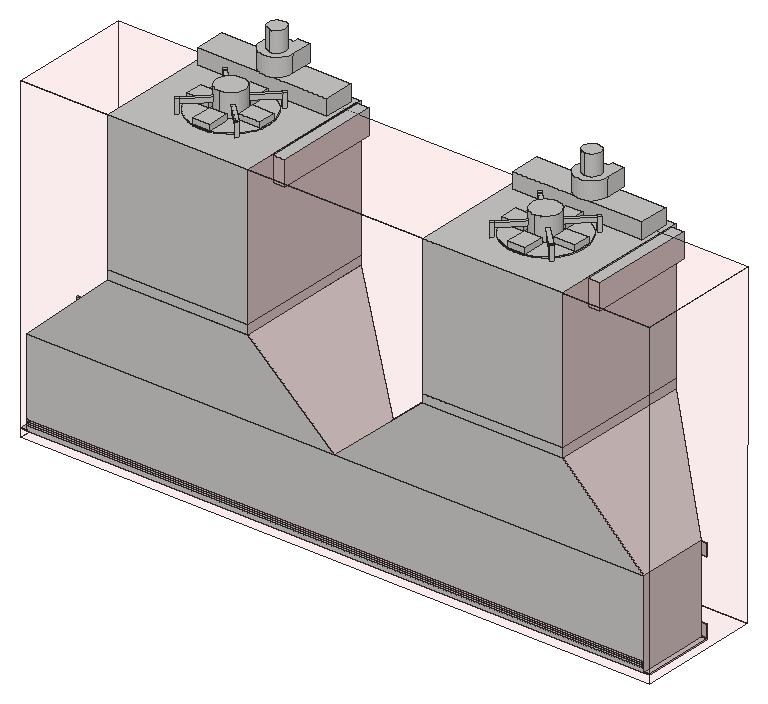
Revit family "Air-Curtain_Climate-Control_PoweredAire_TIG-2Heater", category Mechanical Equipment, host Face, Revit 2026
Family settings
  Host = Face
  Round Connector Dimension = Use Diameter
  Part Type = Normal
  Classification Number = 23.75.35.17.21
  Cut with Voids When Loaded = No
  Maintain Annotation Orientation = No
  Shared = No
  Room Calculation Point = No
Parameters (values of type "144'' Nozzle")
  upperrotation [instance] = 0.00°
  lowerrotation [instance] = 0.00°
  locateupperpipe [instance] = 0' - 0"
  locatelowerpipe [instance] = 0' - 0"
  Warranty Duration (Years) = 0
  Unit Width Notes = "Other Widths available."  # constant formula
  Unit Width = 12' - 3 7/32"
  Unit Weight = 1000
  Unit Height = 1' - 4 3/4"
  Unit Depth = 1' - 8 1/4"
  URL = "http://www.poweredaire.com/"
  Test Data = ""
  Standards Conformance = "ETL  ;  Made in USA"
  Specification = "http://www.arcat.com/sdspecs/htm04/23_34_33pai.htm"
  SpecWizard = ""
  Sound Pressure = ">63 dBA"
  Sales Information = "http://www.poweredaire.com/contact_us"
  Revision = "R1_2016-08"
  Projection from Host [instance] = 0' - 2"
  Product Properties = ""
  Product Data = "http://www.arcat.com/arcatcos/cos47/arc47623.html"
  Power Rating = 0 W
  Piping_Water Flow [instance] = 0 GPM
  Piping_Operating Pressure [instance] = 0.00 psi
  Piping_Exit Temperature [instance] = 0 °F
  Piping_Entry Temperature [instance] = 0 °F
  Pipe OD [instance] = 5/8"
  Overall Depth = 6' - 0 3/4"
  Nozzle Width = if(1 = 1, Unit Width - 0' 3", 0' 0")  # 12' - 0 7/32"
  Mounting Width = if(1 = 1, Unit Width - 0' 1 1/2", 0' 0")  # 12' - 1 23/32"
  Mounting Height [instance] = 3' - 6"
  Motor RPM = 1630
  Motor HP = 0.75
  Motor Count = 4
  Model = "TIG-4-144"
  Max Height = 12' - 0"
  Manufacturer Website = "http://www.poweredaire.com/"
  Manufacturer Phone - Toll Free = "888-321-2473"
  Manufacturer Phone = "724-588-3305"
  Manufacturer Fax = "724-588-3371"
  Manufacturer Address = "109 Mortensen Rd.  Greenville, PA 16125"
  Manufacturer = "Powered Aire, Inc"
  Maintenance Schedule (Months) = 0
  Keynote = "23 34 33"
  Installation-Fabrication = ""
  Installation Phase = ""
  Include Clearance [instance] = yes
  Heating Element Load = 0 W
  Heater Weight = 0
  Heater Hanging Width = 2' - 6 5/8"
  Heater Finish [instance] = Metal - Steel - PoweredAire - Stainless 304
  HVAC_Temperature Rise = 36 °F
  HVAC_Primary CFM = 0 CFM
  HVAC_Outlet Volume = 10200 CFM
  HVAC_Outlet Velocity Uniformity = 0.95
  HVAC_Outlet Velocity = 3700 FPM
  HVAC_Exit Temperature [instance] = 0 °F
  HVAC_BTU Output = 400000.0 Btu/h
  HVAC_BTU Input = 250000.0 Btu/h
  Green Building-LEED = "http://www.arcat.com/green/clients/leed_data_47623.html"
  Gas Connection Diameter [instance] = 0"
  Frame Finish [instance] = Metal - Steel - PoweredAire - Stainless 304
  Expected Lifespan (Years) = 0
  Exhaust Connection Diameter = 0' - 5"
  Electrical_Wattage [instance] = Power Rating + Heating Element Load  # 0 W
  Electrical_Voltage [instance] = 0 V
  Electrical_Phase [instance] = 1
  Electrical_Frequency [instance] = 0 Hz
  Electrical_Amperage [instance] = 0 A
  Drawn By = "Sumex Design, Inc. / Robert S. Weygant, CSI, CDT, SCIP"
  Description = "Powered Aire Indirect Gas Heated Climate Control Air Curtain - TIG-4-144 as Specified"
  Default Elevation = 0' - 0"  # constant formula
  Copyright = "©Arcat Inc."
  Construction Details = "http://www.arcat.com/details/powair/prod3336.html"
  Clearance_Top [instance] = 1' - 0"
  Clearance_Side B [instance] = 0' - 0"
  Clearance_Side A [instance] = 0' - 0"
  Clearance_Intake [instance] = 0' - 0"
  Clearance_Bottom [instance] = 0' - 0"
  Clearance Material [instance] = ARCAT Clearance
  Building Codes = ""
  Available Options [instance] = "as Specified"
  Assembly Code = "D3090400"
Types (3): name | Unit Width | Unit Weight | Nozzle Width | Mounting Width | Motor Count | Model | HVAC_Temperature Rise | HVAC_Outlet Volume | HVAC_Outlet Velocity Uniformity | HVAC_Outlet Velocity | HVAC_BTU Output | HVAC_BTU Input | Description
  144'' Nozzle | 12' - 3 7/32" | 1000 | 12' - 0 7/32" | 12' - 1 23/32" | 4 | "TIG-4-144" | 36 °F | 10200 CFM | 0.95 | 3700 FPM | 400000.0 Btu/h | 250000.0 Btu/h | "Powered Aire Indirect Gas Heated Climate Control Air Curtain - TIG-4-144 as Specified"
  132'' Nozzle | 11' - 3 5/32" | 830 | 11' - 0 5/32" | 11' - 1 21/32" | 3 | "TIG-3-132" | 39 °F | 7600 CFM | 0.94 | 2800 FPM | 320000.0 Btu/h | 200000.0 Btu/h | "Powered Aire Indirect Gas Heated Climate Control Air Curtain - TIG-3-132 as Specified"
  120'' Nozzle | 10' - 3 5/32" | 680 | 10' - 0 5/32" | 10' - 1 21/32" | 3 | "TIG-3-120" | 39 °F | 7600 CFM | 0.95 | 3200 FPM | 320000.0 Btu/h | 200000.0 Btu/h | "Powered Aire Indirect Gas Heated Climate Control Air Curtain - TIG-3-120 as Specified"
Reference planes (in)
  plane 1 "Center (Elevation)": y = 0.13818
  plane 2: z = 0
  plane 3 "Center (Left/Right)": x = 0
  plane 4 "Top": y = 8.51318
  plane 5: y = -8.23682
  plane 6: x = -73.60937
  plane 7: x = 73.60938
  plane 8 "Front": z = 22.25
  plane 9 "FF": y = -41.86182
  plane 10: z = 2
  plane 11: x = 72.10937
  plane 12: x = -72.10937
  plane 13: y = 20.51318
  plane 14: y = -8.23682
  plane 15: x = -73.60937
  plane 16: x = 73.60938
  plane 17: z = 74.75
  plane 18: x = 72.04688
  plane 19: x = -72.04687
  plane 20: x = 72.10937
  plane 21: x = 72.10937
  plane 22: y = 6.01318
  plane 23: y = -5.73682
  plane 24: z = 74.75
  plane 25: z = 42.25
  plane 26: z = 40.25
  plane 27: x = -52.11719
  plane 28: x = -21.49219
  plane 29: x = -53.17969
  plane 30: x = -20.42969
  plane 31: x = 21.49219
  plane 32: x = 52.11719
  plane 33: x = 20.42969
  plane 34: x = 53.17969
  plane 35: x = -36.80469
  plane 36: x = 36.80469
Forms (in)
  Extrusion 1, solid, material "Metal - Steel - PoweredAire - Stainless 304" <- "Frame Finish"
    sketch origin (0, 0, 0) x (0, 1, 0) y (0, 0, 1)
      loop
        line (-8.23682, 2) -> (8.51318, 2) -> (8.51318, 22.25) -> (-8.23682, 22.25) -> (-8.23682, 2)
    from -72.10937 to 72.10937
  Extrusion 2, solid, material "ARCAT Clearance" <- "Clearance Material", visible <- "Include Clearance"
    sketch origin (0, 0, 0) x (0, 1, 0) y (0, 0, 1)
      loop
        line (-8.23682, 74.75) -> (-8.23682, 0) -> (20.51318, 0) -> (20.51318, 74.75) -> (-8.23682, 74.75)
    from -73.60938 to 73.60937
  Extrusion 3, solid, material "Metal - Steel - PoweredAire - Stainless 304" <- "Frame Finish"
    sketch origin (-15.17702, -180, 2) x (-1, 0, 0) y (0, -1, 0)
      loop
        line (-87.2864, -188.51318) -> (-87.2864, -171.76318) -> (-88.7864, -171.76318) -> (-88.7864, -188.51318) -> (-87.2864, -188.51318)
      loop
        line (56.93235, -188.51318) -> (58.43235, -188.51318) -> (58.43235, -171.76318) -> (56.93235, -171.76318) -> (56.93235, -188.51318)
    from 0 to 0.125
  Extrusion 4, solid, material "Metal - Steel - PoweredAire - Stainless 304" <- "Frame Finish"
    sketch origin (-11.83813, 8.51318, 48) x (-1, 0, 0) y (0, 0, 1)
      loop
        line (-83.9475, -45.5) -> (-83.9475, -42.75) -> (-85.4475, -42.75) -> (-85.4475, -45.5) -> (-83.9475, -45.5)
      loop
        line (-83.9475, -28.5) -> (-83.9475, -25.75) -> (-85.4475, -25.75) -> (-85.4475, -28.5) -> (-83.9475, -28.5)
      loop
        line (60.27125, -45.5) -> (61.77125, -45.5) -> (61.77125, -42.75) -> (60.27125, -42.75) -> (60.27125, -45.5)
      loop
        line (60.27125, -28.5) -> (61.77125, -28.5) -> (61.77125, -25.75) -> (60.27125, -25.75) -> (60.27125, -28.5)
    from 0 to -0.125
  Extrusion 5, void
    sketch origin (0, 0, 0) x (0, 1, 0) y (0, 0, 1)
      loop
        line (-8.23682, 3) -> (-7.23682, 3) -> (-7.23682, 4.5) -> (-8.23682, 4.5) -> (-8.23682, 3.82425) -> (-7.38364, 3.82425) -> (-7.38364, 3.57425) -> (-8.23682, 3.57425) -> (-8.23682, 3)
    from -72.04687 to 72.04687
  Blend 6, solid, material "Metal - Steel - PoweredAire - Stainless 304" <- "Frame Finish"
    base sketch origin (-15.17702, -180, 22.25) x (-1, 0, 0) y (0, -1, 0)
      loop
        line (56.93235, -188.51318) -> (56.93235, -171.76318) -> (-15.17702, -171.76318) -> (-15.17702, -188.51318) -> (56.93235, -188.51318)
    top sketch origin (-15.17702, -180, 22.25) x (-1, 0, 0) y (0, -1, 0)
      loop
        line (38.00267, -171.76318) -> (5.25267, -171.76318) -> (5.25267, -204.76318) -> (38.00267, -204.76318) -> (38.00267, -171.76318)
    from 0 to 18
  Blend 7, solid, material "Metal - Steel - PoweredAire - Stainless 304" <- "Frame Finish"
    base sketch origin (15.17702, -180, 22.25) x (1, 0, 0) y (0, 1, 0)
      loop
        line (56.93235, 188.51318) -> (-15.17702, 188.51318) -> (-15.17702, 171.76318) -> (56.93235, 171.76318) -> (56.93235, 188.51318)
    top sketch origin (15.17702, -180, 22.25) x (1, 0, 0) y (0, 1, 0)
      loop
        line (38.00267, 171.76318) -> (38.00267, 204.76318) -> (5.25267, 204.76318) -> (5.25267, 171.76318) -> (38.00267, 171.76318)
    from 0 to 18
Cuts and joins
  Extrusion 5 cuts Extrusion 1
Dimensions and locks (in)
  equal spacing: plane 4 "Top", plane 1 "Center (Elevation)", plane 5
  "Unit Height": plane 4 "Top" to plane 5
  "Unit Width": plane 6 to plane 7
  "Mounting Height": plane 1 "Center (Elevation)" to plane 9 "FF"
  "Projection from Host": plane 10 to level
  "Unit Depth": plane 8 "Front" to plane 10
  locked: plane 6 to plane 12 at 1.5
  locked: plane 11 to plane 7 at 1.5
  "Clearance_Side A": plane 7 to plane 16
  "Clearance_Side B": plane 15 to plane 6
  "Clearance_Top": plane 13 to plane 4 "Top"
  "Clearance_Bottom": plane 5 to plane 14
  "Clearance_Intake": plane 17 to plane 24
  Extrusion 5 sketch curve to Extrusion 5 sketch curve to Extrusion 5 sketch curve to Extrusion 5 sketch curve to plane 10 = 0' - 0.67575" locked, 0' - 0 1/4" locked, 0' - 0.57425" locked, 0' - 1" locked
  plane 5 to Extrusion 5 sketch curve to Extrusion 5 sketch curve = 0' - 0.85319" locked, 0' - 0.14681" locked
  locked: plane 19 to plane 12 at 0.0625
  locked: plane 11 to plane 18 at 0.0625
  "locateupperpipe": plane 20 to plane 11
  "locatelowerpipe": plane 21 to plane 11
  locked: plane 4 "Top" to plane 22 at 2.5
  locked: plane 23 to plane 5 at 2.5
  "Overall Depth": plane 24 to plane 10
  locked: plane 25 to plane 26 at 2
  locked: plane 24 to plane 25 at 32.5
  locked: Blend 6 sketch curve to plane 5 at 33
  Extrusion 4 sketch curve to Extrusion 4 sketch curve to plane 10 = 0' - 2 3/4" locked, 0' - 0 1/2" locked  (x2)
  plane 8 "Front" to Extrusion 4 sketch curve to Extrusion 4 sketch curve = 0' - 0" locked, 0' - 2 3/4" locked  (x2)
  locked: plane 28 to plane 30 at 1.0625
  locked: plane 29 to plane 27 at 1.0625
  locked: plane 32 to plane 34 at 1.0625
  locked: plane 33 to plane 31 at 1.0625
  equal spacing: plane 6, plane 35, plane 3 "Center (Left/Right)", plane 36, plane 7
  equal spacing: plane 27, plane 35, plane 28
  "Heater Hanging Width": plane 27 to plane 28
  equal spacing: plane 31, plane 36, plane 32
  "Heater Hanging Width": plane 31 to plane 32
  locked: Blend 7 sketch curve to plane 5 at 33
  aligned and locked: plane 2 to host face
  aligned and locked: level to host face
  aligned and locked: Extrusion 2 sketch curve to plane 17
  aligned and locked: plane 14 to Extrusion 2 sketch curve
  aligned and locked: level to Extrusion 2 sketch curve
  aligned and locked: Extrusion 2 sketch curve to plane 13
  aligned and locked: plane 16 to Extrusion 2
  aligned and locked: Extrusion 2 to plane 15
  aligned and locked: plane 11 to Extrusion 1
  aligned and locked: Extrusion 1 to plane 12
  aligned and locked: Extrusion 1 sketch curve to plane 8 "Front"
  aligned and locked: plane 24 to nested 1
  aligned and locked: plane 5 to Blend 6 sketch curve
  aligned and locked: plane 12 to Blend 6 sketch curve
  aligned and locked: Blend 6 sketch curve to plane 4 "Top"
  aligned and locked: Blend 6 sketch curve to plane 5
  aligned and locked: plane 26 to Blend 6
  aligned and locked: plane 35 to nested 1
  aligned and locked: plane 36 to nested 2
  aligned and locked: plane 24 to nested 2
  aligned and locked: Blend 6 sketch curve to plane 3 "Center (Left/Right)"
  aligned and locked: Blend 6 sketch curve to plane 29
  aligned and locked: plane 30 to Blend 6 sketch curve
  aligned and locked: Blend 7 sketch curve to plane 5  (x2)
  aligned and locked: Blend 7 sketch curve to plane 3 "Center (Left/Right)"
  aligned and locked: plane 11 to Blend 7 sketch curve
  aligned and locked: Blend 7 sketch curve to plane 4 "Top"
  aligned and locked: plane 33 to Blend 7 sketch curve
  aligned and locked: Blend 7 sketch curve to plane 34
  aligned and locked: plane 18 to cut or joined group of Extrusion 1, Extrusion 5
  aligned and locked: cut or joined group of Extrusion 1, Extrusion 5 to plane 19
Automatic sketch dimensions
  host sketch curve to host sketch curve = 8' - 0"  (x2)
  Extrusion 1 sketch curve to plane 5 = 0' - 0"
  Extrusion 1 sketch curve to plane 4 "Top" = 0' - 0"
  Extrusion 1 sketch curve to plane 10 = 0' - 0"
  plane 4 "Top" to Extrusion 3 sketch curve = 0' - 0"
  Extrusion 3 sketch curve to plane 7 = 0' - 0"
  plane 5 to Extrusion 3 sketch curve = 0' - 0"
  Extrusion 3 sketch curve to plane 11 = 0' - 0"
  Extrusion 3 sketch curve to plane 4 "Top" = 0' - 0"
  Extrusion 3 sketch curve to plane 12 = 0' - 0"
  Extrusion 3 sketch curve to plane 6 = 0' - 0"
  Extrusion 3 sketch curve to plane 5 = 0' - 0"
  Extrusion 4 sketch curve to plane 7 = 0' - 0"  (x2)
  Extrusion 4 sketch curve to plane 11 = 0' - 0"  (x2)
  Extrusion 4 sketch curve to plane 12 = 0' - 0"  (x2)
  Extrusion 4 sketch curve to plane 6 = 0' - 0"  (x2)
  Extrusion 5 sketch curve to plane 5 = 0' - 0"  (x2)
Nested families (in)
  nested 1: "Heater" at (-36.80469, -8.23682, 42.2987) x (1, 0, 0) z (0, 1, 0), finish <- "Heater Finish", burner width <- "Heater Hanging Width", type "Heater"
    with finish Metal - Steel - PoweredAire - Stainless 304, burner width 2' - 6 5/8", Two Fan no, One Fan yes
  nested 2: "Heater" at (36.80469, -8.23682, 42.2987) x (1, 0, 0) z (0, 1, 0), finish <- "Heater Finish", burner width <- "Heater Hanging Width", type "Heater"
    with finish Metal - Steel - PoweredAire - Stainless 304, burner width 2' - 6 5/8", Two Fan no, One Fan yes
Connectors (in)
  electrical at (-72.10937, 0.13818, 12.125), driven by "Electrical_Voltage", driven by "Electrical_Phase"
    settings: on cut or joined group of Extrusion 1, Extrusion 5, index 3, voltage 0 V, apparent load 0 VA, apparent load phase1 0 VA, apparent load phase2 0 VA, apparent load phase3 0 VA, power factor 1, load classification "Motor", number of poles 1, system type 31, power factor state 1, is connector primary yes, connector utility no, sub classification motor no, connector description ""
  hvac at (-33.80469, 24.76318, 80.40625), driven by "Exhaust Connection Diameter", driven by "HVAC_Primary CFM"
    settings: on nested 1, index 4, duct flow 0 CFM, flow factor 0, pres drop 0.00 in-wg, loss coef 0, conn angle 0.00°, conn width 12", conn height 12", conn diameter 5", duct sys type 3, conn prof type 0, flow config 0, flow direction 2, loss method 0, conn ref index -1, conn util no, is conn primary yes, conn desc ""
  hvac at (39.80469, 24.76318, 80.40625), driven by "HVAC_Primary CFM", driven by "Exhaust Connection Diameter"
    settings: on nested 2, index 5, duct flow 0 CFM, flow factor 0, pres drop 0.00 in-wg, loss coef 0, conn angle 0.00°, conn width 12", conn height 12", conn diameter 5", duct sys type 3, conn prof type 0, flow config 0, flow direction 2, loss method 0, conn ref index -1, conn util no, is conn primary no, conn desc ""
Definition of nested family "Heater"
  Parameters
    finish [instance] = none
    burner width [instance] = 4' - 0 5/8"
    burner depth = 3' - 8 3/4"
    Two Fan [instance] = burner width > 4' 0"  # yes
    One Fan [instance] = burner width < 4' 0"  # no
    Default Elevation = 0' - 0"  # constant formula
  Reference planes (in)
    plane 1 "Center (Front/Back)": y = 0
    plane 2: z = 0
    plane 3 "Center (Left/Right)": x = 0
    plane 4: x = -25.375
    plane 5: x = 25.375
    plane 6: z = 33
    plane 7: y = -44.75
    plane 8: x = 3
    plane 9: x = 4.375
    plane 10: x = -12.6875
    plane 11: x = 12.6875
    plane 12: z = 15.5
    plane 13: x = -24.3125
    plane 14: x = 24.3125
  Forms (in)
    Extrusion 1, solid, material <- "finish"
      sketch origin (-74.94554, -3, 38.65968) x (0, 0, 1) y (1, 0, 0)
        loop
          line (-5.65968, 49.57054) -> (-5.65968, 100.32054) -> (-38.65968, 100.32054) -> (-38.65968, 49.57054) -> (-5.65968, 49.57054)
      from 3 to -29.4513
    Extrusion 2, solid, material <- "finish"
      sketch origin (0, 0, 0) x (0, 1, 0) y (0, 0, 1)
        loop
          line (2, 0) -> (2, 33) -> (0, 33) -> (0, 0) -> (2, 0)
      from -25.375 to 25.375
    Extrusion 3, solid, material <- "finish"
      sketch origin (-74.94554, -32.4513, 38.65968) x (0, 0, 1) y (1, 0, 0)
        loop
          line (-6.91591, 50.82971) -> (-6.91591, 99.10844) -> (-13.91591, 99.10844) -> (-13.91591, 50.82971) -> (-6.91591, 50.82971)
      from 0 to -3.625
    Extrusion 4, solid, material <- "finish"
      sketch origin (-74.94554, -36.0763, 38.65968) x (0, 0, 1) y (1, 0, 0)
        loop
          arc (-10.4052, 79.32054) -> (-12.67312, 72.60509) -> (-6.79809, 76.57054) r 3.74068
          line (-6.79809, 76.57054) -> (-5.65968, 76.57054) -> (-5.65968, 79.32054) -> (-10.4052, 79.32054)
      from 0 to -4.0625
    Extrusion 5, solid, material <- "finish"
      sketch origin (-73.58006, -40.1388, 35.52564) x (0, 0, -1) y (1, 0, 0)
        loop
          circle (7.27116, 74.21438) r 2
      from 4.6112 to 0
    Extrusion 6, solid, material <- "finish"
      sketch origin (0, 0, 0) x (1, 0, 0) y (0, 1, 0)
        loop
          line (28.3125, -32.4513) -> (28.3125, -26.7013) -> (25.3125, -26.7013) -> (25.3125, -32.4513) -> (28.3125, -32.4513)
      from 7.25 to 31.75
    Extrusion 7, solid, material <- "finish", visible <- "Two Fan"
      sketch origin (0, 0, 0) x (0, 1, 0) y (0, 0, 1)
        loop
          line (-32.4513, 6.22268) -> (-44.15658, 5.1986) -> (-44.15658, 4.4486) -> (-32.4513, 4.85736) -> (-32.4513, 6.22268)
      from -25.375 to 25.375
  Dimensions and locks (in)
    locked: Extrusion 4 sketch curve to Extrusion 4 sketch curve at 2.75
    "burner width": plane 13 to plane 14
    locked: plane 6 to level at 33
    "burner depth": plane 7 to plane 1 "Center (Front/Back)"
    locked: plane 8 to plane 9 at 1.375
    Extrusion 4 sketch curve to Extrusion 4 sketch curve to plane 8 = 0' - 0.99068" locked, 0' - 1 3/8" locked
    locked: Extrusion 5 sketch curve to plane 8 at 2.36568
    locked: plane 8 to plane 3 "Center (Left/Right)" at 3
    Extrusion 6 sketch curve to plane 5 to Extrusion 6 sketch curve = 0' - 0 1/16" locked, 0' - 2 15/16" locked
    equal spacing: plane 5, plane 11, plane 3 "Center (Left/Right)", plane 10, plane 4
    locked: plane 4 to plane 13 at 1.0625
    locked: plane 14 to plane 5 at 1.0625
    aligned and locked: plane 2 to level
    aligned: Extrusion 4 to Extrusion 5
    aligned: Extrusion 3 to Extrusion 2  (x2)
    aligned and locked: plane 7 to Extrusion 5
    aligned and locked: plane 4 to Extrusion 1 sketch curve
    aligned and locked: Extrusion 1 sketch curve to plane 5
    aligned and locked: Extrusion 7 to plane 4
    aligned and locked: plane 5 to Extrusion 7
    aligned and locked: plane 12 to nested 1
    aligned and locked: plane 3 "Center (Left/Right)" to nested 1
    aligned and locked: plane 12 to nested 3
    aligned and locked: plane 11 to nested 3
    aligned and locked: plane 10 to nested 2
    aligned and locked: plane 12 to nested 2
    aligned and locked: plane 5 to Extrusion 2
    aligned and locked: Extrusion 2 to plane 4
  Automatic sketch dimensions
    Extrusion 1 to Extrusion 3 sketch curve = 0' - 1.25917"
    Extrusion 1 to Extrusion 3 sketch curve = 0' - 8.25624"
    Extrusion 1 to Extrusion 3 sketch curve = 0' - 1.2121"
    Extrusion 1 to Extrusion 3 sketch curve = 0' - 1.25624"
    Extrusion 4 sketch curve to Extrusion 3 = 0' - 0.11782"
    Extrusion 4 sketch curve to Extrusion 3 = 0' - 1.25624"
    Extrusion 5 sketch curve to Extrusion 4 = 0' - 4.74552"
    Extrusion 1 sketch curve to level = 0' - 0"
    Extrusion 1 sketch curve to plane 6 = 0' - 0"
    Extrusion 2 sketch curve to level = 0' - 0"
    Extrusion 2 sketch curve to plane 1 "Center (Front/Back)" = 0' - 0"
    Extrusion 2 sketch curve to plane 6 = 0' - 0"
    Extrusion 2 sketch curve to Extrusion 2 sketch curve = 0' - 2"
    Extrusion 6 sketch curve to plane 7 = 1' - 0.2987"
    Extrusion 6 sketch curve to Extrusion 6 sketch curve = 0' - 5 3/4"
    Extrusion 7 sketch curve to plane 7 = 0' - 0.59342"
    level to Extrusion 7 sketch curve = 0' - 4.4486"
    Extrusion 7 sketch curve to Extrusion 7 sketch curve = 0' - 0 3/4"
    level to Extrusion 7 sketch curve = 0' - 4.85736"
    Extrusion 7 sketch curve to Extrusion 7 sketch curve = 0' - 11.70529"
    Extrusion 7 sketch curve to Extrusion 7 sketch curve = 0' - 1.36532"
    radius of Extrusion 5 sketch curve = 0' - 2"
  Nested families (in)
    nested 1: "FanControls" at (0, -32.4513, 15.5) x (1, 0, 0) z (0, -1, 0), finish <- "finish", visible <- "One Fan", type "FanControls"
      with finish none
    nested 2: "FanControls" at (-12.6875, -32.4513, 15.5) x (1, 0, 0) z (0, -1, 0), finish <- "finish", visible <- "Two Fan", type "FanControls"
      with finish none
    nested 3: "FanControls" at (12.6875, -32.4513, 15.5) x (1, 0, 0) z (0, -1, 0), finish <- "finish", visible <- "Two Fan", type "FanControls"
      with finish none
  Definition of nested family "FanControls"
    Parameters
      finish [instance] = none
      Default Elevation = 4' - 0"
    Reference planes (in)
      plane 1 "Center (Front/Back)": y = 0
      plane 2: z = 0
      plane 3 "Center (Left/Right)": x = 0
    Forms (in)
      Extrusion 1, solid, material <- "finish"
        sketch origin (-75.00804, 32.07233, 0) x (1, 0, 0) y (0, -1, 0)
          loop
            circle (75.00804, 32.07233) r 3.25
        from -5.33075 to 0
      Extrusion 2, solid, material <- "finish"
        sketch origin (24.44581, -78.06044, 0) x (1, 0, 0) y (0, -1, 0)
          loop
            line (-22.50831, -86.58776) -> (-22.50831, -81.58776) -> (-26.50831, -81.58776) -> (-26.50831, -86.58776) -> (-22.50831, -86.58776)
          loop
            line (-22.50831, -69.53312) -> (-26.50831, -69.53312) -> (-26.50831, -74.53312) -> (-22.50831, -74.53312) -> (-22.50831, -69.53312)
          loop
            line (-15.98099, -76.06044) -> (-20.98099, -76.06044) -> (-20.98099, -80.06044) -> (-15.98099, -80.06044) -> (-15.98099, -76.06044)
          loop
            line (-33.03563, -76.06044) -> (-33.03563, -80.06044) -> (-28.03563, -80.06044) -> (-28.03563, -76.06044) -> (-33.03563, -76.06044)
        from 0 to -1.37288
      Extrusion 3, solid, material <- "finish"
        sketch origin (-75.00804, 21.40968, 0) x (1, 0, 0) y (0, -1, 0)
          loop
            line (68.02536, 14.95733) -> (68.55569, 14.427) -> (75.00804, 20.87935) -> (81.46039, 14.427) -> (81.99072, 14.95733) -> (75.53837, 21.40968) -> (81.99072, 27.86203) -> (81.46039, 28.39236) -> (75.00804, 21.94001) -> (68.55569, 28.39236) -> (68.02536, 27.86203) -> (74.47771, 21.40968) -> (68.02536, 14.95733)
        from -3.1123 to -2
      Extrusion 4, solid, material <- "finish"
        sketch origin (-75.00804, 21.40968, 0) x (1, 0, 0) y (0, -1, 0)
          loop
            line (68.02536, 13.89667) -> (68.55569, 14.427) -> (68.02536, 14.95733) -> (67.49503, 14.427) -> (68.02536, 13.89667)
          loop
            line (82.52105, 14.427) -> (81.99072, 14.95733) -> (81.46039, 14.427) -> (81.99072, 13.89667) -> (82.52105, 14.427)
          loop
            line (81.99072, 28.92269) -> (81.46039, 28.39236) -> (81.99072, 27.86203) -> (82.52105, 28.39236) -> (81.99072, 28.92269)
          loop
            line (67.49503, 28.39236) -> (68.02536, 27.86203) -> (68.55569, 28.39236) -> (68.02536, 28.92269) -> (67.49503, 28.39236)
        from 0 to -3.1123
      Extrusion 5, solid, material <- "finish"
        sketch origin (0, 0, 0) x (1, 0, 0) y (0, 1, 0)
          loop
            circle (0, 0) r 9
        from 0 to 0.14961
    Dimensions and locks (in)
      Extrusion 4 sketch curve to Extrusion 4 sketch curve to Extrusion 4 sketch curve to Extrusion 4 sketch curve = 0' - 0.53033" locked, 0' - 0" locked, 0' - 0.53033" locked  (x4)
      Extrusion 3 sketch curve to Extrusion 3 sketch curve to Extrusion 3 sketch curve to Extrusion 3 sketch curve to Extrusion 3 sketch curve = 0' - 5.92202" locked, 0' - 0" locked, 0' - 0.53033" locked, 0' - 0" locked
      Extrusion 3 sketch curve to Extrusion 3 sketch curve to Extrusion 3 sketch curve to Extrusion 3 sketch curve to Extrusion 3 sketch curve = 0' - 0" locked, 0' - 0.53033" locked, 0' - 0" locked, 0' - 5.92202" locked
      locked: Extrusion 2 sketch curve to Extrusion 2 sketch curve at 5  (x2)
      aligned and locked: plane 2 to level
